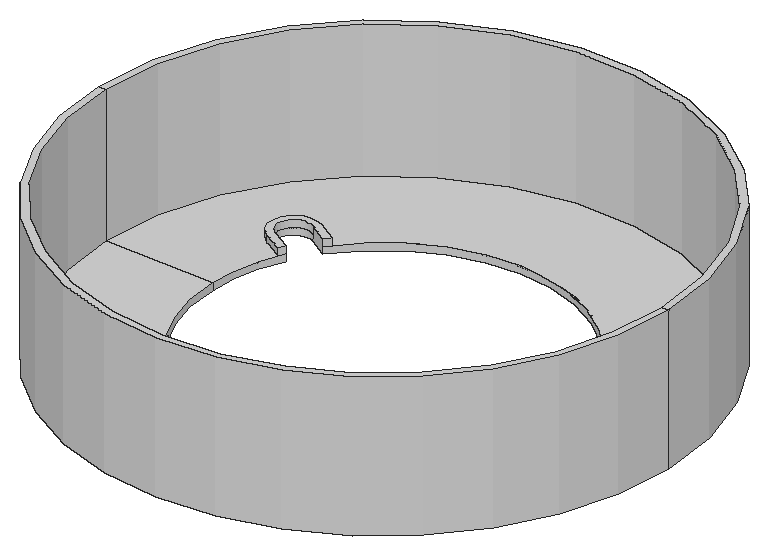
Revit family "A1-WD", category Plumbing Fixtures, Revit 2018
Family settings
  Round Connector Dimension = Use Diameter
  Part Type = Normal
  Work Plane-Based = No
  Always vertical = Yes
  Cut with Voids When Loaded = No
  Shared = No
  Room Calculation Point = No
Parameters (values of type "A1-WD")
  URL = "WWW.MIFAB.COM"
  Model = "A1-WD"
  Manufacturer = "MIFAB"
  Description = "MEMBRANE CLAMP WITH 2\" WATER DAM FOR R1100 DRAINS"
Reference planes (in)
  plane 1 "Center (Front/Back)": y = 0
  plane 2: z = 0
  plane 3 "Center (Left/Right)": x = 0
  plane 4: x = -4
  plane 5: x = 4
  plane 6: y = 4
  plane 7: y = -4
  plane 8: z = 2
Forms (in)
  Revolve 1, solid, material "Steel"
    sketch origin (0, 0, 0) x (1, 0, 0) y (0, 0, 1)
      loop
        line (4, 2) -> (3.90463, 2) -> (3.90463, 0.09375) -> (2.40463, 0.09375) -> (2.40463, 0) -> (4, 0) -> (4, 2)
      axis (0, 2) -> (0, 0)
    angle from 0 to 360
  Extrusion 2, solid, material "Steel"
    sketch origin (0, 0, 0) x (1, 0, 0) y (0, 1, 0)
      loop
        line (0.22227, -2.39434) -> (0.22227, -2.70786)
        arc (0.22227, -2.70786) -> (0, -2.93013) -> (-0.22227, -2.70786) r 0.22227
        line (-0.22227, -2.70786) -> (-0.22227, -2.39434)
        arc (-0.22227, -2.39434) -> (-0.2692, -2.38952) -> (-0.31602, -2.38378) r 2.40463
        line (-0.31602, -2.38378) -> (-0.31602, -2.70786)
        arc (-0.31602, -2.70786) -> (0, -3.02388) -> (0.31602, -2.70786) r 0.31602
        line (0.31602, -2.70786) -> (0.31602, -2.38378)
        arc (0.31602, -2.38378) -> (0.2692, -2.38952) -> (0.22227, -2.39434) r 2.40463
    from 0.09375 to 0.19243
  Extrusion 3, solid, material "Steel"
    sketch origin (0, 0, 0) x (-0.5, -0.866025, 0) y (0.866025, -0.5, 0)
      loop
        line (0.22227, -2.39434) -> (0.22227, -2.70786)
        arc (0.22227, -2.70786) -> (0, -2.93013) -> (-0.22227, -2.70786) r 0.22227
        line (-0.22227, -2.70786) -> (-0.22227, -2.39434)
        arc (-0.22227, -2.39434) -> (-0.2692, -2.38952) -> (-0.31602, -2.38378) r 2.40463
        line (-0.31602, -2.38378) -> (-0.31602, -2.70786)
        arc (-0.31602, -2.70786) -> (0, -3.02388) -> (0.31602, -2.70786) r 0.31602
        line (0.31602, -2.70786) -> (0.31602, -2.38378)
        arc (0.31602, -2.38378) -> (0.2692, -2.38952) -> (0.22227, -2.39434) r 2.40463
    from 0.09375 to 0.19243
  Extrusion 4, solid, material "Steel"
    sketch origin (0, 0, 0) x (0.5, 0.866025, 0) y (-0.866025, 0.5, 0)
      loop
        arc (1.96242, -1.38966) -> (1.93478, -1.42789) -> (1.9064, -1.46557) r 2.40463
        line (1.9064, -1.46557) -> (2.18706, -1.62761)
        arc (2.18706, -1.62761) -> (2.61876, -1.51194) -> (2.50309, -1.08024) r 0.31602
        line (2.50309, -1.08024) -> (2.22242, -0.9182)
        arc (2.22242, -0.9182) -> (2.20398, -0.96162) -> (2.18469, -1.00467) r 2.40463
        line (2.18469, -1.00467) -> (2.45621, -1.16143)
        arc (2.45621, -1.16143) -> (2.53757, -1.46507) -> (2.23394, -1.54642) r 0.22227
        line (2.23394, -1.54642) -> (1.96242, -1.38966)
    from 0.09375 to 0.19243
  Extrusion 5, void
    sketch origin (0, 0, 0) x (1, 0, 0) y (0, 1, 0)
      loop
        arc (-2.18469, 1.00467) -> (-2.08247, 1.20232) -> (-1.96242, 1.38966) r 2.40463
        line (-1.96242, 1.38966) -> (-2.23394, 1.54642)
        arc (-2.23394, 1.54642) -> (-2.53757, 1.46507) -> (-2.45621, 1.16143) r 0.22227
        line (-2.45621, 1.16143) -> (-2.18469, 1.00467)
      loop
        line (2.18469, 1.00467) -> (2.45621, 1.16143)
        arc (2.45621, 1.16143) -> (2.53757, 1.46507) -> (2.23394, 1.54642) r 0.22227
        line (2.23394, 1.54642) -> (1.96242, 1.38966)
        arc (1.96242, 1.38966) -> (2.08247, 1.20232) -> (2.18469, 1.00467) r 2.40463
      loop
        line (-0.22227, -2.39434) -> (-0.22227, -2.70786)
        arc (-0.22227, -2.70786) -> (0, -2.93013) -> (0.22227, -2.70786) r 0.22227
        line (0.22227, -2.70786) -> (0.22227, -2.39434)
        arc (0.22227, -2.39434) -> (0, -2.40463) -> (-0.22227, -2.39434) r 2.40463
    from 0 to 0.19243
Cuts and joins
  Extrusion 5 cuts Revolve 1
  Extrusion 5 cuts Extrusion 2
  Extrusion 5 cuts Extrusion 3
  Extrusion 5 cuts Extrusion 4
  joined: Revolve 1, Extrusion 2, Extrusion 3, Extrusion 4
Dimensions and locks (in)
  plane 4 to plane 3 "Center (Left/Right)" to plane 5 = 0' - 4", 0' - 4"
  plane 4 to plane 5 = 0' - 8"
  equal spacing: plane 7, plane 1 "Center (Front/Back)", plane 6
  plane 7 to plane 6 = 0' - 8"
  locked: plane 8 to plane 2 at 2
  plane 8 to plane 2 = 0' - 2"
  plane 6 to plane 1 "Center (Front/Back)" to plane 7 = 0' - 4", 0' - 4"
  plane 6 to plane 7 = 0' - 8"
  aligned and locked: level to plane 2
Automatic sketch dimensions
  Revolve 1 sketch curve to plane 3 "Center (Left/Right)" = 0' - 0"
  Revolve 1 sketch curve to level = 0' - 0"
  Revolve 1 sketch curve to plane 8 = 0' - 0"
  plane 5 to Revolve 1 sketch curve = 0' - 0"
  plane 5 to Revolve 1 sketch curve = 0' - 1.59537"
  plane 5 to Revolve 1 sketch curve = 0' - 0.09537"
  Revolve 1 sketch curve to Revolve 1 sketch curve = 0' - 0 3/32"
  Revolve 1 sketch curve to level = 0' - 1"
  Revolve 1 sketch curve to Revolve 1 sketch curve = 0' - 0 3/4"
  Extrusion 2 sketch curve to Extrusion 2 sketch curve = 0' - 0"  (x8)
  Extrusion 2 sketch curve to Extrusion 2 sketch curve = 0' - 0 3/32"
  Extrusion 2 sketch curve to Extrusion 2 sketch curve = 0' - 0.31352"
  Extrusion 2 sketch curve to Extrusion 2 sketch curve = 0' - 0.01056"  (x2)
  Extrusion 2 sketch curve to Extrusion 2 sketch curve = 0' - 0.22227"  (x2)
  Extrusion 3 sketch curve to Extrusion 3 sketch curve = 0' - 0"  (x8)
  Extrusion 3 sketch curve to Extrusion 3 sketch curve = 0' - 0 3/32"
  Extrusion 3 sketch curve to Extrusion 3 sketch curve = 0' - 0.31352"
  Extrusion 3 sketch curve to Extrusion 3 sketch curve = 0' - 0.01056"  (x2)
  Extrusion 3 sketch curve to Extrusion 3 sketch curve = 0' - 0.22227"  (x2)
  Extrusion 4 sketch curve to Extrusion 4 sketch curve = 0' - 0"  (x8)
  Extrusion 4 sketch curve to Extrusion 4 sketch curve = 0' - 0.05602"
  Extrusion 4 sketch curve to Extrusion 4 sketch curve = 0' - 0.15676"  (x2)
  Extrusion 4 sketch curve to Extrusion 4 sketch curve = 0' - 0.07591"
  Extrusion 4 sketch curve to Extrusion 4 sketch curve = 0' - 0.08647"
  Extrusion 4 sketch curve to Extrusion 4 sketch curve = 0' - 0.11114"  (x2)
  Extrusion 4 sketch curve to Extrusion 4 sketch curve = 0' - 2.18469"
  Extrusion 2 sketch curve to plane 3 "Center (Left/Right)" = 0' - 0"
  plane 1 "Center (Front/Back)" to Extrusion 2 sketch curve = 0' - 0"
  plane 1 "Center (Front/Back)" to Extrusion 3 sketch curve = 0' - 0"
  Extrusion 3 sketch curve to plane 3 "Center (Left/Right)" = 0' - 0"
  plane 1 "Center (Front/Back)" to Extrusion 4 sketch curve = 0' - 0"
  Extrusion 4 sketch curve to plane 3 "Center (Left/Right)" = 0' - 0"
  Extrusion 4 sketch curve to Extrusion 4 sketch curve = 0' - 0.2783"
  Extrusion 4 sketch curve to Extrusion 4 sketch curve = 0' - 0.28066"
  Extrusion 4 sketch curve to Extrusion 4 sketch curve = 0' - 0.03773"
  Extrusion 4 sketch curve to Extrusion 4 sketch curve = 0' - 0 3/64"  (x2)
  Extrusion 4 sketch curve to Extrusion 4 sketch curve = 0' - 0.08119"
  Extrusion 5 sketch curve to Extrusion 5 sketch curve = 0' - 0"  (x6)
  Extrusion 5 sketch curve to plane 3 "Center (Left/Right)" = 0' - 0"  (x2)
  plane 1 "Center (Front/Back)" to Extrusion 5 sketch curve = 0' - 0"
  Extrusion 5 sketch curve to plane 3 "Center (Left/Right)" = 0' - 0.22227"
  Extrusion 5 sketch curve to plane 3 "Center (Left/Right)" = 0' - 1.96242"
  Extrusion 5 sketch curve to plane 1 "Center (Front/Back)" = 0' - 1.00467"  (x2)
  Extrusion 5 sketch curve to Extrusion 5 sketch curve = 0' - 0.22227"  (x2)
  Extrusion 5 sketch curve to Extrusion 5 sketch curve = 0' - 0.27152"  (x2)
  Extrusion 5 sketch curve to Extrusion 5 sketch curve = 0' - 0.11114"  (x4)
  Extrusion 5 sketch curve to plane 1 "Center (Front/Back)" = 0' - 1.16143"  (x2)
  plane 3 "Center (Left/Right)" to Extrusion 5 sketch curve = 0' - 1.96242"
  Extrusion 5 sketch curve to plane 7 = 0' - 1.60566"
  Extrusion 5 sketch curve to Extrusion 5 sketch curve = 0' - 0.31352"
  Extrusion 5 sketch curve to Extrusion 5 sketch curve = 0' - 0.1925"  (x2)
